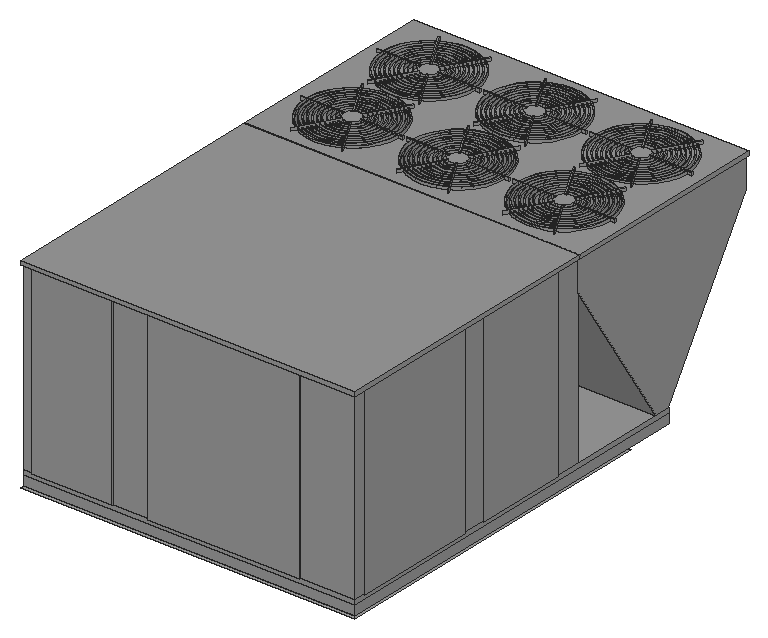
Revit family "RTU-1", category Mechanical Equipment, host Face, Revit 2025
Family settings
  Host = Face
  Round Connector Dimension = Use Diameter
  Classification = None
  Part Type = Normal
  Cut with Voids When Loaded = No
  Maintain Annotation Orientation = Yes
  Shared = No
  Room Calculation Point = No
Parameters (values of type "LCH 240 H4B K 1Y")
  URL = "https://tech.lennoxintl.com/C03e7o14l/VIu12Ch2uV/ehb_lch_cbox_2109.pdf"
  Model = "LCH 240 H4B K 1Y"
  Material = Aluminum 1100-O
  Manufacturer = "LENNOX"
  Grill Material = Steel, Paint Finish, Dark Gray
  Default Elevation = 48"
Reference planes (in)
  plane 1 "Center (Front/Back)": y = 0
  plane 2: z = 0
  plane 3 "Center (Left/Right)": x = 0
  plane 4: z = 45.1875
  plane 5: y = 48.375
  plane 6: through (-28.53125, 37.65625, 55) normal (-0.7071, -0.7071, 0)
  plane 7: through (-28.53125, 37.65625, 55) normal (-0.7071, 0.7071, 0)
  plane 8: through (-28.53125, 37.65625, 55) normal (0.7071, -0.7071, 0)
  plane 9: through (-28.53125, 37.65625, 55) normal (0.7071, 0.7071, 0)
  plane 10: x = -30.90625
  plane 11: x = -31.90625
  plane 12: x = -32.90625
  plane 13: x = -33.90625
  plane 14: x = -34.90625
  plane 15: x = -35.90625
  plane 16: x = -36.90625
  plane 17: x = -37.90625
  plane 18: x = -38.90625
  plane 19: x = -39.90625
  plane 20: x = -40.90625
  plane 21: x = -42.34375
  plane 22: x = -41.03125
  plane 23: x = -14.71875
  plane 24: x = -16.03125
  plane 25: y = 52.625
  plane 26: y = 50.5
  plane 27: y = 22.25
  plane 28: y = 78.9375
  plane 29: y = 50.59375
  plane 30: x = -30.90625
  plane 31: x = -31.90625
  plane 32: x = -32.90625
  plane 33: x = -33.90625
  plane 34: x = -34.90625
  plane 35: x = -35.90625
  plane 36: x = -36.90625
  plane 37: x = -37.90625
  plane 38: x = -38.90625
  plane 39: x = -39.90625
  plane 40: x = -40.90625
  plane 41: x = -42.34375
  plane 42: x = -41.03125
  plane 43: x = -14.71875
  plane 44: x = -16.03125
  plane 45: x = -2.375
  plane 46: x = -3.375
  plane 47: x = -4.375
  plane 48: x = -5.375
  plane 49: x = -6.375
  plane 50: x = -7.375
  plane 51: x = -8.375
  plane 52: x = -9.375
  plane 53: x = -10.375
  plane 54: x = -11.375
  plane 55: x = -12.375
  plane 56: x = -13.8125
  plane 57: x = -12.5
  plane 58: x = 13.8125
  plane 59: x = 12.5
  plane 60: x = 26.15625
  plane 61: x = 25.15625
  plane 62: x = 24.15625
  plane 63: x = 23.15625
  plane 64: x = 22.15625
  plane 65: x = 21.15625
  plane 66: x = 20.15625
  plane 67: x = 19.15625
  plane 68: x = 18.15625
  plane 69: x = 17.15625
  plane 70: x = 16.15625
  plane 71: x = 14.71875
  plane 72: x = 16.03125
  plane 73: x = 42.34375
  plane 74: x = 41.03125
  plane 75: through (-36.72095, 74.75222, 110.75) normal (-0.5, 0.866, 0)
  plane 76: through (-34.78125, 74.35657, 110.75) normal (0.5, -0.866, 0)
  plane 77: through (-20.34155, 74.75222, 110.75) normal (-0.5, -0.866, 0)
  plane 78: through (-22.28125, 74.35657, 110.75) normal (0.5, 0.866, 0)
  plane 79: through (-36.72095, 52.31028, 110.75) normal (0.5, 0.866, 0)
  plane 80: through (-34.78125, 52.70593, 110.75) normal (-0.5, -0.866, 0)
  plane 81: through (-20.34155, 52.31028, 110.75) normal (0.5, -0.866, 0)
  plane 82: through (-22.28125, 52.70593, 110.75) normal (-0.5, 0.866, 0)
  plane 83: through (-36.72095, 26.43528, 110.75) normal (0.5, 0.866, 0)
  plane 84: through (-34.78125, 26.83093, 110.75) normal (-0.5, -0.866, 0)
  plane 85: through (-20.34155, 26.43528, 110.75) normal (0.5, -0.866, 0)
  plane 86: through (-22.28125, 26.83093, 110.75) normal (-0.5, 0.866, 0)
  plane 87: through (-36.72095, 48.87722, 110.75) normal (-0.5, 0.866, 0)
  plane 88: through (-34.78125, 48.48157, 110.75) normal (0.5, -0.866, 0)
  plane 89: through (-20.34155, 48.87722, 110.75) normal (-0.5, -0.866, 0)
  plane 90: through (-22.28125, 48.48157, 110.75) normal (0.5, 0.866, 0)
  plane 91: through (-8.1897, 74.75222, 110.75) normal (-0.5, 0.866, 0)
  plane 92: through (-6.25, 74.35657, 110.75) normal (0.5, -0.866, 0)
  plane 93: through (8.1897, 74.75222, 110.75) normal (-0.5, -0.866, 0)
  plane 94: through (6.25, 74.35657, 110.75) normal (0.5, 0.866, 0)
  plane 95: through (-8.1897, 52.31028, 110.75) normal (0.5, 0.866, 0)
  plane 96: through (-6.25, 52.70593, 110.75) normal (-0.5, -0.866, 0)
  plane 97: through (8.1897, 52.31028, 110.75) normal (0.5, -0.866, 0)
  plane 98: through (6.25, 52.70593, 110.75) normal (-0.5, 0.866, 0)
  plane 99: through (20.34155, 74.75222, 110.75) normal (-0.5, 0.866, 0)
  plane 100: through (22.28125, 74.35657, 110.75) normal (0.5, -0.866, 0)
  plane 101: through (36.72095, 74.75222, 110.75) normal (-0.5, -0.866, 0)
  plane 102: through (34.78125, 74.35657, 110.75) normal (0.5, 0.866, 0)
  plane 103: through (20.34155, 52.31028, 110.75) normal (0.5, 0.866, 0)
  plane 104: through (22.28125, 52.70593, 110.75) normal (-0.5, -0.866, 0)
  plane 105: through (36.72095, 52.31028, 110.75) normal (0.5, -0.866, 0)
  plane 106: through (34.78125, 52.70593, 110.75) normal (-0.5, 0.866, 0)
  plane 107: x = -30.90625
  plane 108: x = -31.90625
  plane 109: x = -32.90625
  plane 110: x = -33.90625
  plane 111: x = -34.90625
  plane 112: x = -35.90625
  plane 113: x = -36.90625
  plane 114: x = -37.90625
  plane 115: x = -38.90625
  plane 116: x = -39.90625
  plane 117: x = -40.90625
  plane 118: x = -42.34375
  plane 119: x = -41.03125
  plane 120: x = -14.71875
  plane 121: x = -16.03125
  plane 122: x = -2.375
  plane 123: x = -3.375
  plane 124: x = -4.375
  plane 125: x = -5.375
  plane 126: x = -6.375
  plane 127: x = -7.375
  plane 128: x = -8.375
  plane 129: x = -9.375
  plane 130: x = -10.375
  plane 131: x = -11.375
  plane 132: x = -12.375
  plane 133: x = -13.8125
  plane 134: x = -12.5
  plane 135: x = 13.8125
  plane 136: x = 12.5
  plane 137: x = 26.15625
  plane 138: x = 25.15625
  plane 139: x = 24.15625
  plane 140: x = 23.15625
  plane 141: x = 22.15625
  plane 142: x = 21.15625
  plane 143: x = 20.15625
  plane 144: x = 19.15625
  plane 145: x = 18.15625
  plane 146: x = 17.15625
  plane 147: x = 16.15625
  plane 148: x = 14.71875
  plane 149: x = 16.03125
  plane 150: x = 42.34375
  plane 151: x = 41.03125
  plane 152: through (-36.72095, 26.43528, 110.75) normal (0.5, 0.866, 0)
  plane 153: through (-34.78125, 26.83093, 110.75) normal (-0.5, -0.866, 0)
  plane 154: through (-20.34155, 26.43528, 110.75) normal (0.5, -0.866, 0)
  plane 155: through (-22.28125, 26.83093, 110.75) normal (-0.5, 0.866, 0)
  plane 156: through (-36.72095, 48.87722, 110.75) normal (-0.5, 0.866, 0)
  plane 157: through (-34.78125, 48.48157, 110.75) normal (0.5, -0.866, 0)
  plane 158: through (-20.34155, 48.87722, 110.75) normal (-0.5, -0.866, 0)
  plane 159: through (-22.28125, 48.48157, 110.75) normal (0.5, 0.866, 0)
  plane 160: through (-8.1897, 26.43528, 110.75) normal (0.5, 0.866, 0)
  plane 161: through (-6.25, 26.83093, 110.75) normal (-0.5, -0.866, 0)
  plane 162: through (8.1897, 26.43528, 110.75) normal (0.5, -0.866, 0)
  plane 163: through (6.25, 26.83093, 110.75) normal (-0.5, 0.866, 0)
  plane 164: through (-8.1897, 48.87722, 110.75) normal (-0.5, 0.866, 0)
  plane 165: through (-6.25, 48.48157, 110.75) normal (0.5, -0.866, 0)
  plane 166: through (8.1897, 48.87722, 110.75) normal (-0.5, -0.866, 0)
  plane 167: through (6.25, 48.48157, 110.75) normal (0.5, 0.866, 0)
  plane 168: through (20.34155, 26.43528, 110.75) normal (0.5, 0.866, 0)
  plane 169: through (22.28125, 26.83093, 110.75) normal (-0.5, -0.866, 0)
  plane 170: through (36.72095, 26.43528, 110.75) normal (0.5, -0.866, 0)
  plane 171: through (34.78125, 26.83093, 110.75) normal (-0.5, 0.866, 0)
  plane 172: through (20.34155, 48.87722, 110.75) normal (-0.5, 0.866, 0)
  plane 173: through (22.28125, 48.48157, 110.75) normal (0.5, -0.866, 0)
  plane 174: through (36.72095, 48.87722, 110.75) normal (-0.5, -0.866, 0)
  plane 175: through (34.78125, 48.48157, 110.75) normal (0.5, 0.866, 0)
Forms (in)
  Extrusion 1, solid, material "Aluminum 1100-O" <- "Material"
    sketch origin (0, 0, 0) x (1, 0, 0) y (0, 1, 0)
      loop
        line (-44.5625, 22.25) -> (-44.5625, -52.75) -> (44.5625, -52.75) -> (44.5625, 22.25) -> (-44.5625, 22.25)
    from 4.125 to 53.5625
  Extrusion 2, solid, material "Aluminum 1100-O" <- "Material"
    sketch origin (0, 0, -50.125) x (1, 0, 0) y (0, 1, 0)
      loop
        line (-44.5625, 52.75) -> (-44.5625, -52.75) -> (44.5625, -52.75) -> (44.5625, 52.75) -> (-44.5625, 52.75)
    from 53.0625 to 54.25
  Extrusion 3, solid, material "Aluminum 1100-O" <- "Material"
    sketch origin (0, 0, -51.3125) x (1, 0, 0) y (0, 1, 0)
      loop
        line (-44.5625, 52.75) -> (-44.5625, -52.75) -> (44.5625, -52.75) -> (44.5625, 52.75) -> (-44.5625, 52.75)
    from 51.6875 to 54.25
  Blend 4, solid, material "Aluminum 1100-O" <- "Material"
    base sketch origin (0, 0, 0) x (1, 0, 0) y (0, 1, 0)
      loop
        line (-45.0625, 39.41026) -> (-45.0625, -53.25) -> (45.0625, -53.25) -> (45.0625, 39.41026) -> (-45.0625, 39.41026)
    top sketch origin (0, 0, 0) x (1, 0, 0) y (0, 1, 0)
      loop
        line (-44.5625, 38.91026) -> (-44.5625, -52.75) -> (44.5625, -52.75) -> (44.5625, 38.91026) -> (-44.5625, 38.91026)
    from 0 to 0.375
  Extrusion 5, solid, material "Aluminum 1100-O" <- "Material"
    sketch origin (0, 0, 0) x (0, 1, 0) y (0, 0, 1)
      loop
        line (48.375, 4.125) -> (52.625, 4.125) -> (78.75, 45.1875) -> (78.75, 53.5625) -> (22.25, 53.5625) -> (22.25, 45.1875) -> (48.375, 4.125)
    from -44.5625 to 44.5625
  Extrusion 6, solid, material "Aluminum 1100-O" <- "Material"
    sketch origin (0, 0, 0) x (1, 0, 0) y (0, 1, 0)
      loop
        line (-45.0625, 22.25) -> (-45.0625, -53.25) -> (45.0625, -53.25) -> (45.0625, 22.25) -> (-45.0625, 22.25)
    from 53.5625 to 54.625
  Extrusion 7, solid, material "Aluminum 1100-O" <- "Material"
    sketch origin (0, 75.3125, 0) x (1, 0, 0) y (0, 1, 0)
      loop
        line (-45.0625, 3.625) -> (-45.0625, -53.0625) -> (45.0625, -53.0625) -> (45.0625, 3.625) -> (-45.0625, 3.625)
    from 53.5625 to 54.625
  Extrusion 8, void
    sketch origin (-8.58719, -1.71744, 0) x (1, 0, 0) y (0, 1, 0)
      loop
        circle (8.58719, 39.37369) r 12.5
      loop
        circle (-19.94406, 39.37369) r 12.5
      loop
        circle (37.11844, 39.37369) r 12.5
    from 45.45857 to 54.625
  Extrusion 9, solid, material "Steel, Paint Finish, Dark Gray" <- "Grill Material", not visible
    sketch origin (0, 101.1875, 54.625) x (1, 0, 0) y (0, 1, 0)
      loop
        circle (-28.53125, -63.53125) r 2.375
      loop
        circle (-28.53125, -63.53125) r 3.375
      loop
        circle (-28.53125, -63.53125) r 3.5
      loop
        circle (-28.53125, -63.53125) r 4.375
      loop
        circle (-28.53125, -63.53125) r 5.25
      loop
        circle (-28.53125, -63.53125) r 4.5
      loop
        circle (-28.53125, -63.53125) r 5.375
      loop
        circle (-28.53125, -63.53125) r 6.375
      loop
        circle (-28.53125, -63.53125) r 7.375
      loop
        circle (-28.53125, -63.53125) r 9.375
      loop
        circle (-28.53125, -63.53125) r 10.375
      loop
        circle (-28.53125, -63.53125) r 11.375
      loop
        circle (-28.53125, -63.53125) r 12.375
      loop
        circle (-28.53125, -63.53125) r 12.5
      loop
        circle (-28.53125, -63.53125) r 7.5
      loop
        circle (-28.53125, -63.53125) r 9.5
      loop
        circle (-28.53125, -63.53125) r 10.5
      loop
        circle (-28.53125, -63.53125) r 11.5
      loop
        circle (-28.53125, -63.53125) r 8.375
      loop
        circle (-28.53125, -63.53125) r 8.5
      loop
        circle (-28.53125, -63.53125) r 6.5
    from 0 to 0.625
  Extrusion 10, solid, material "Steel, Paint Finish, Dark Gray" <- "Grill Material", not visible
    sketch origin (0, 101.1875, 55.75) x (1, 0, 0) y (0, 1, 0)
      loop
        line (-42.34375, -63.40625) -> (-42.34375, -63.65625) -> (-30.90296, -63.65625)
        arc (-30.90296, -63.65625) -> (-30.90543, -63.59377) -> (-30.90625, -63.53125) r 2.375
        arc (-30.90625, -63.53125) -> (-30.90543, -63.46873) -> (-30.90296, -63.40625) r 2.375
        line (-30.90296, -63.40625) -> (-42.34375, -63.40625)
    from -1.125 to -0.3427
  Extrusion 11, solid, material "Steel, Paint Finish, Dark Gray" <- "Grill Material", not visible
    sketch origin (-57.0625, 101.1875, 55.75) x (-1, 0, 0) y (0, -1, 0)
      loop
        line (-42.34375, 63.40625) -> (-30.90296, 63.40625)
        arc (-30.90296, 63.40625) -> (-30.90543, 63.46873) -> (-30.90625, 63.53125) r 2.375
        arc (-30.90625, 63.53125) -> (-30.90543, 63.59377) -> (-30.90296, 63.65625) r 2.375
        line (-30.90296, 63.65625) -> (-42.34375, 63.65625) -> (-42.34375, 63.40625)
    from -1.125 to -0.3427
  Extrusion 12, void
    sketch origin (0, 0, 0) x (1, 0, 0) y (0, 1, 0)
      loop
        line (-40.8125, 19.625) -> (-40.8125, -40.875) -> (-19.44507, -40.875) -> (-19.44507, 19.625) -> (-40.8125, 19.625)
      loop
        line (-1.44507, -12.875) -> (-1.44507, -40.875) -> (18.55493, -40.875) -> (18.55493, -12.875) -> (-1.44507, -12.875)
      loop
        line (-1.44507, 19.625) -> (-1.44507, -8.375) -> (18.55493, -8.375) -> (18.55493, 19.625) -> (-1.44507, 19.625)
      loop
        line (33.0625, -44.25) -> (33.0625, -49.25) -> (41.0625, -49.25) -> (41.0625, -44.25) -> (33.0625, -44.25)
    from 0 to 12
  Extrusion 13, solid, material "Steel, Paint Finish, Dark Gray" <- "Grill Material"
    sketch origin (0, 0, 54.625) x (1, 0, 0) y (0, 1, 0)
      loop
        circle (-28.53125, 63.53125) r 2.375
      loop
        circle (-28.53125, 63.53125) r 3.375
      loop
        circle (-28.53125, 63.53125) r 3.5
      loop
        circle (-28.53125, 63.53125) r 4.375
      loop
        circle (-28.53125, 63.53125) r 5.25
      loop
        circle (-28.53125, 63.53125) r 4.5
      loop
        circle (-28.53125, 63.53125) r 5.375
      loop
        circle (-28.53125, 63.53125) r 6.375
      loop
        circle (-28.53125, 63.53125) r 7.375
      loop
        circle (-28.53125, 63.53125) r 9.375
      loop
        circle (-28.53125, 63.53125) r 10.375
      loop
        circle (-28.53125, 63.53125) r 11.375
      loop
        circle (-28.53125, 63.53125) r 12.375
      loop
        circle (-28.53125, 63.53125) r 12.5
      loop
        circle (-28.53125, 63.53125) r 7.5
      loop
        circle (-28.53125, 63.53125) r 9.5
      loop
        circle (-28.53125, 63.53125) r 10.5
      loop
        circle (-28.53125, 63.53125) r 11.5
      loop
        circle (-28.53125, 63.53125) r 8.375
      loop
        circle (-28.53125, 63.53125) r 8.5
      loop
        circle (-28.53125, 63.53125) r 6.5
    from 0 to 0.625
  Extrusion 14, solid, material "Steel, Paint Finish, Dark Gray" <- "Grill Material"
    sketch origin (0, 0, 55.75) x (1, 0, 0) y (0, 1, 0)
      loop
        line (-42.34375, 63.40625) -> (-30.90296, 63.40625)
        arc (-30.90296, 63.40625) -> (-30.90543, 63.46873) -> (-30.90625, 63.53125) r 2.375
        arc (-30.90625, 63.53125) -> (-30.90543, 63.59377) -> (-30.90296, 63.65625) r 2.375
        line (-30.90296, 63.65625) -> (-42.34375, 63.65625) -> (-42.34375, 63.40625)
    from -1.125 to -0.3427
  Extrusion 15, solid, material "Steel, Paint Finish, Dark Gray" <- "Grill Material"
    sketch origin (-57.0625, 0, 55.75) x (-1, 0, 0) y (0, -1, 0)
      loop
        line (-42.34375, -63.40625) -> (-42.34375, -63.65625) -> (-30.90296, -63.65625)
        arc (-30.90296, -63.65625) -> (-30.90543, -63.59377) -> (-30.90625, -63.53125) r 2.375
        arc (-30.90625, -63.53125) -> (-30.90543, -63.46873) -> (-30.90296, -63.40625) r 2.375
        line (-30.90296, -63.40625) -> (-42.34375, -63.40625)
    from -1.125 to -0.3427
  Extrusion 16, solid, material "Steel, Paint Finish, Dark Gray" <- "Grill Material"
    sketch origin (28.53125, 0, 54.625) x (1, 0, 0) y (0, 1, 0)
      loop
        circle (-28.53125, 63.53125) r 2.375
      loop
        circle (-28.53125, 63.53125) r 3.375
      loop
        circle (-28.53125, 63.53125) r 3.5
      loop
        circle (-28.53125, 63.53125) r 4.375
      loop
        circle (-28.53125, 63.53125) r 5.25
      loop
        circle (-28.53125, 63.53125) r 4.5
      loop
        circle (-28.53125, 63.53125) r 5.375
      loop
        circle (-28.53125, 63.53125) r 6.375
      loop
        circle (-28.53125, 63.53125) r 7.375
      loop
        circle (-28.53125, 63.53125) r 9.375
      loop
        circle (-28.53125, 63.53125) r 10.375
      loop
        circle (-28.53125, 63.53125) r 11.375
      loop
        circle (-28.53125, 63.53125) r 12.375
      loop
        circle (-28.53125, 63.53125) r 12.5
      loop
        circle (-28.53125, 63.53125) r 7.5
      loop
        circle (-28.53125, 63.53125) r 9.5
      loop
        circle (-28.53125, 63.53125) r 10.5
      loop
        circle (-28.53125, 63.53125) r 11.5
      loop
        circle (-28.53125, 63.53125) r 8.375
      loop
        circle (-28.53125, 63.53125) r 8.5
      loop
        circle (-28.53125, 63.53125) r 6.5
    from 0 to 0.625
  Extrusion 17, solid, material "Steel, Paint Finish, Dark Gray" <- "Grill Material"
    sketch origin (28.53125, 0, 55.75) x (1, 0, 0) y (0, 1, 0)
      loop
        line (-42.34375, 63.40625) -> (-30.90296, 63.40625)
        arc (-30.90296, 63.40625) -> (-30.90543, 63.46873) -> (-30.90625, 63.53125) r 2.375
        arc (-30.90625, 63.53125) -> (-30.90543, 63.59377) -> (-30.90296, 63.65625) r 2.375
        line (-30.90296, 63.65625) -> (-42.34375, 63.65625) -> (-42.34375, 63.40625)
    from -1.125 to -0.3427
  Extrusion 18, solid, material "Steel, Paint Finish, Dark Gray" <- "Grill Material"
    sketch origin (-28.53125, 0, 55.75) x (-1, 0, 0) y (0, -1, 0)
      loop
        line (-42.34375, -63.40625) -> (-42.34375, -63.65625) -> (-30.90296, -63.65625)
        arc (-30.90296, -63.65625) -> (-30.90543, -63.59377) -> (-30.90625, -63.53125) r 2.375
        arc (-30.90625, -63.53125) -> (-30.90543, -63.46873) -> (-30.90296, -63.40625) r 2.375
        line (-30.90296, -63.40625) -> (-42.34375, -63.40625)
    from -1.125 to -0.3427
  Extrusion 19, solid, material "Steel, Paint Finish, Dark Gray" <- "Grill Material"
    sketch origin (57.0625, 0, 54.625) x (1, 0, 0) y (0, 1, 0)
      loop
        circle (-28.53125, 63.53125) r 2.375
      loop
        circle (-28.53125, 63.53125) r 3.375
      loop
        circle (-28.53125, 63.53125) r 3.5
      loop
        circle (-28.53125, 63.53125) r 4.375
      loop
        circle (-28.53125, 63.53125) r 5.25
      loop
        circle (-28.53125, 63.53125) r 4.5
      loop
        circle (-28.53125, 63.53125) r 5.375
      loop
        circle (-28.53125, 63.53125) r 6.375
      loop
        circle (-28.53125, 63.53125) r 7.375
      loop
        circle (-28.53125, 63.53125) r 9.375
      loop
        circle (-28.53125, 63.53125) r 10.375
      loop
        circle (-28.53125, 63.53125) r 11.375
      loop
        circle (-28.53125, 63.53125) r 12.375
      loop
        circle (-28.53125, 63.53125) r 12.5
      loop
        circle (-28.53125, 63.53125) r 7.5
      loop
        circle (-28.53125, 63.53125) r 9.5
      loop
        circle (-28.53125, 63.53125) r 10.5
      loop
        circle (-28.53125, 63.53125) r 11.5
      loop
        circle (-28.53125, 63.53125) r 8.375
      loop
        circle (-28.53125, 63.53125) r 8.5
      loop
        circle (-28.53125, 63.53125) r 6.5
    from 0 to 0.625
  Extrusion 20, solid, material "Steel, Paint Finish, Dark Gray" <- "Grill Material"
    sketch origin (57.0625, 0, 55.75) x (1, 0, 0) y (0, 1, 0)
      loop
        line (-42.34375, 63.40625) -> (-30.90296, 63.40625)
        arc (-30.90296, 63.40625) -> (-30.90543, 63.46873) -> (-30.90625, 63.53125) r 2.375
        arc (-30.90625, 63.53125) -> (-30.90543, 63.59377) -> (-30.90296, 63.65625) r 2.375
        line (-30.90296, 63.65625) -> (-42.34375, 63.65625) -> (-42.34375, 63.40625)
    from -1.125 to -0.3427
  Extrusion 21, solid, material "Steel, Paint Finish, Dark Gray" <- "Grill Material"
    sketch origin (0, 0, 55.75) x (-1, 0, 0) y (0, -1, 0)
      loop
        line (-42.34375, -63.40625) -> (-42.34375, -63.65625) -> (-30.90296, -63.65625)
        arc (-30.90296, -63.65625) -> (-30.90543, -63.59377) -> (-30.90625, -63.53125) r 2.375
        arc (-30.90625, -63.53125) -> (-30.90543, -63.46873) -> (-30.90296, -63.40625) r 2.375
        line (-30.90296, -63.40625) -> (-42.34375, -63.40625)
    from -1.125 to -0.3427
  Extrusion 22, solid, material "Steel, Paint Finish, Dark Gray" <- "Grill Material"
    sketch origin (-69.2853, 7.05684, 55.75) x (0.5, -0.866025, 0) y (0.866025, 0.5, 0)
      loop
        line (-42.34375, 63.40625) -> (-30.90296, 63.40625)
        arc (-30.90296, 63.40625) -> (-30.90543, 63.46873) -> (-30.90625, 63.53125) r 2.375
        arc (-30.90625, 63.53125) -> (-30.90543, 63.59377) -> (-30.90296, 63.65625) r 2.375
        line (-30.90296, 63.65625) -> (-42.34375, 63.65625) -> (-42.34375, 63.40625)
    from -1.125 to -0.3427
  Extrusion 23, solid, material "Steel, Paint Finish, Dark Gray" <- "Grill Material"
    sketch origin (12.2228, 7.05684, 55.75) x (-0.5, -0.866025, 0) y (0.866025, -0.5, 0)
      loop
        line (-42.34375, -63.40625) -> (-42.34375, -63.65625) -> (-30.90296, -63.65625)
        arc (-30.90296, -63.65625) -> (-30.90543, -63.59377) -> (-30.90625, -63.53125) r 2.375
        arc (-30.90625, -63.53125) -> (-30.90543, -63.46873) -> (-30.90296, -63.40625) r 2.375
        line (-30.90296, -63.40625) -> (-42.34375, -63.40625)
    from -1.125 to -0.3427
  Extrusion 24, solid, material "Steel, Paint Finish, Dark Gray" <- "Grill Material"
    sketch origin (-69.2853, 120.00566, 55.75) x (0.5, 0.866025, 0) y (-0.866025, 0.5, 0)
      loop
        line (-42.34375, -63.40625) -> (-42.34375, -63.65625) -> (-30.90296, -63.65625)
        arc (-30.90296, -63.65625) -> (-30.90543, -63.59377) -> (-30.90625, -63.53125) r 2.375
        arc (-30.90625, -63.53125) -> (-30.90543, -63.46873) -> (-30.90296, -63.40625) r 2.375
        line (-30.90296, -63.40625) -> (-42.34375, -63.40625)
    from -1.125 to -0.3427
  Extrusion 25, solid, material "Steel, Paint Finish, Dark Gray" <- "Grill Material"
    sketch origin (12.2228, 120.00566, 55.75) x (-0.5, 0.866025, 0) y (-0.866025, -0.5, 0)
      loop
        line (-42.34375, 63.40625) -> (-30.90296, 63.40625)
        arc (-30.90296, 63.40625) -> (-30.90543, 63.46873) -> (-30.90625, 63.53125) r 2.375
        arc (-30.90625, 63.53125) -> (-30.90543, 63.59377) -> (-30.90296, 63.65625) r 2.375
        line (-30.90296, 63.65625) -> (-42.34375, 63.65625) -> (-42.34375, 63.40625)
    from -1.125 to -0.3427
  Extrusion 26, solid, material "Steel, Paint Finish, Dark Gray" <- "Grill Material", not visible
    sketch origin (-69.2853, 108.24434, 55.75) x (0.5, -0.866025, 0) y (0.866025, 0.5, 0)
      loop
        line (88.3061, -12.02448) -> (88.52261, -11.89948) -> (82.80221, -1.99146)
        arc (82.80221, -1.99146) -> (82.74934, -2.02484) -> (82.6956, -2.05681) r 2.375
        arc (82.6956, -2.05681) -> (82.64105, -2.08736) -> (82.5857, -2.11646) r 2.375
        line (82.5857, -2.11646) -> (88.3061, -12.02448)
    from -1.125 to -0.3427
  Extrusion 27, solid, material "Steel, Paint Finish, Dark Gray" <- "Grill Material", not visible
    sketch origin (12.2228, 108.24434, 55.75) x (-0.5, -0.866025, 0) y (0.866025, -0.5, 0)
      loop
        line (88.3061, 2.11646) -> (82.5857, 2.11646)
        arc (82.5857, 2.11646) -> (82.64105, 2.08736) -> (82.6956, 2.05681) r 2.375
        arc (82.6956, 2.05681) -> (82.74934, 2.02484) -> (82.80221, 1.99146) r 2.375
        line (82.80221, 1.99146) -> (88.3061, 1.99146) -> (88.3061, 2.11646)
    from -1.125 to -0.3427
  Extrusion 28, solid, material "Steel, Paint Finish, Dark Gray" <- "Grill Material", not visible
    sketch origin (-69.2853, 221.19316, 55.75) x (0.5, 0.866025, 0) y (-0.866025, 0.5, 0)
      loop
        line (-131.77261, -124.94604) -> (-137.493, -124.94604)
        arc (-137.493, -124.94604) -> (-137.43766, -124.97514) -> (-137.3831, -125.00569) r 2.375
        arc (-137.3831, -125.00569) -> (-137.32937, -125.03766) -> (-137.2765, -125.07104) r 2.375
        line (-137.2765, -125.07104) -> (-131.77261, -125.07104) -> (-131.77261, -124.94604)
    from -1.125 to -0.3427
  Extrusion 29, solid, material "Steel, Paint Finish, Dark Gray" <- "Grill Material", not visible
    sketch origin (12.2228, 221.19316, 55.75) x (-0.5, 0.866025, 0) y (-0.866025, -0.5, 0)
      loop
        line (-131.77261, 115.03802) -> (-131.5561, 115.16302) -> (-137.2765, 125.07104)
        arc (-137.2765, 125.07104) -> (-137.32937, 125.03766) -> (-137.3831, 125.00569) r 2.375
        arc (-137.3831, 125.00569) -> (-137.43766, 124.97514) -> (-137.493, 124.94604) r 2.375
        line (-137.493, 124.94604) -> (-131.77261, 115.03802)
    from -1.125 to -0.3427
  Extrusion 30, solid, material "Steel, Paint Finish, Dark Gray" <- "Grill Material"
    sketch origin (-40.75405, 7.05684, 55.75) x (0.5, -0.866025, 0) y (0.866025, 0.5, 0)
      loop
        line (-42.34375, 63.40625) -> (-30.90296, 63.40625)
        arc (-30.90296, 63.40625) -> (-30.90543, 63.46873) -> (-30.90625, 63.53125) r 2.375
        arc (-30.90625, 63.53125) -> (-30.90543, 63.59377) -> (-30.90296, 63.65625) r 2.375
        line (-30.90296, 63.65625) -> (-42.34375, 63.65625) -> (-42.34375, 63.40625)
    from -1.125 to -0.3427
  Extrusion 31, solid, material "Steel, Paint Finish, Dark Gray" <- "Grill Material"
    sketch origin (40.75405, 7.05684, 55.75) x (-0.5, -0.866025, 0) y (0.866025, -0.5, 0)
      loop
        line (-42.34375, -63.40625) -> (-42.34375, -63.65625) -> (-30.90296, -63.65625)
        arc (-30.90296, -63.65625) -> (-30.90543, -63.59377) -> (-30.90625, -63.53125) r 2.375
        arc (-30.90625, -63.53125) -> (-30.90543, -63.46873) -> (-30.90296, -63.40625) r 2.375
        line (-30.90296, -63.40625) -> (-42.34375, -63.40625)
    from -1.125 to -0.3427
  Extrusion 32, solid, material "Steel, Paint Finish, Dark Gray" <- "Grill Material"
    sketch origin (-40.75405, 120.00566, 55.75) x (0.5, 0.866025, 0) y (-0.866025, 0.5, 0)
      loop
        line (-42.34375, -63.40625) -> (-42.34375, -63.65625) -> (-30.90296, -63.65625)
        arc (-30.90296, -63.65625) -> (-30.90543, -63.59377) -> (-30.90625, -63.53125) r 2.375
        arc (-30.90625, -63.53125) -> (-30.90543, -63.46873) -> (-30.90296, -63.40625) r 2.375
        line (-30.90296, -63.40625) -> (-42.34375, -63.40625)
    from -1.125 to -0.3427
  Extrusion 33, solid, material "Steel, Paint Finish, Dark Gray" <- "Grill Material"
    sketch origin (40.75405, 120.00566, 55.75) x (-0.5, 0.866025, 0) y (-0.866025, -0.5, 0)
      loop
        line (-42.34375, 63.40625) -> (-30.90296, 63.40625)
        arc (-30.90296, 63.40625) -> (-30.90543, 63.46873) -> (-30.90625, 63.53125) r 2.375
        arc (-30.90625, 63.53125) -> (-30.90543, 63.59377) -> (-30.90296, 63.65625) r 2.375
        line (-30.90296, 63.65625) -> (-42.34375, 63.65625) -> (-42.34375, 63.40625)
    from -1.125 to -0.3427
  Extrusion 34, solid, material "Steel, Paint Finish, Dark Gray" <- "Grill Material"
    sketch origin (-12.2228, 7.05684, 55.75) x (0.5, -0.866025, 0) y (0.866025, 0.5, 0)
      loop
        line (-42.34375, 63.40625) -> (-30.90296, 63.40625)
        arc (-30.90296, 63.40625) -> (-30.90543, 63.46873) -> (-30.90625, 63.53125) r 2.375
        arc (-30.90625, 63.53125) -> (-30.90543, 63.59377) -> (-30.90296, 63.65625) r 2.375
        line (-30.90296, 63.65625) -> (-42.34375, 63.65625) -> (-42.34375, 63.40625)
    from -1.125 to -0.3427
  Extrusion 35, solid, material "Steel, Paint Finish, Dark Gray" <- "Grill Material"
    sketch origin (69.2853, 7.05684, 55.75) x (-0.5, -0.866025, 0) y (0.866025, -0.5, 0)
      loop
        line (-42.34375, -63.40625) -> (-42.34375, -63.65625) -> (-30.90296, -63.65625)
        arc (-30.90296, -63.65625) -> (-30.90543, -63.59377) -> (-30.90625, -63.53125) r 2.375
        arc (-30.90625, -63.53125) -> (-30.90543, -63.46873) -> (-30.90296, -63.40625) r 2.375
        line (-30.90296, -63.40625) -> (-42.34375, -63.40625)
    from -1.125 to -0.3427
  Extrusion 36, solid, material "Steel, Paint Finish, Dark Gray" <- "Grill Material"
    sketch origin (-12.2228, 120.00566, 55.75) x (0.5, 0.866025, 0) y (-0.866025, 0.5, 0)
      loop
        line (-42.34375, -63.40625) -> (-42.34375, -63.65625) -> (-30.90296, -63.65625)
        arc (-30.90296, -63.65625) -> (-30.90543, -63.59377) -> (-30.90625, -63.53125) r 2.375
        arc (-30.90625, -63.53125) -> (-30.90543, -63.46873) -> (-30.90296, -63.40625) r 2.375
        line (-30.90296, -63.40625) -> (-42.34375, -63.40625)
    from -1.125 to -0.3427
  Extrusion 37, solid, material "Steel, Paint Finish, Dark Gray" <- "Grill Material"
    sketch origin (69.2853, 120.00566, 55.75) x (-0.5, 0.866025, 0) y (-0.866025, -0.5, 0)
      loop
        line (-42.34375, 63.40625) -> (-30.90296, 63.40625)
        arc (-30.90296, 63.40625) -> (-30.90543, 63.46873) -> (-30.90625, 63.53125) r 2.375
        arc (-30.90625, 63.53125) -> (-30.90543, 63.59377) -> (-30.90296, 63.65625) r 2.375
        line (-30.90296, 63.65625) -> (-42.34375, 63.65625) -> (-42.34375, 63.40625)
    from -1.125 to -0.3427
  Extrusion 38, solid, material "Steel, Paint Finish, Dark Gray" <- "Grill Material"
    sketch origin (0, 0, 54.625) x (1, 0, 0) y (0, 1, 0)
      loop
        circle (-28.53125, 37.65625) r 2.375
      loop
        circle (-28.53125, 37.65625) r 3.375
      loop
        circle (-28.53125, 37.65625) r 3.5
      loop
        circle (-28.53125, 37.65625) r 4.375
      loop
        circle (-28.53125, 37.65625) r 5.25
      loop
        circle (-28.53125, 37.65625) r 4.5
      loop
        circle (-28.53125, 37.65625) r 5.375
      loop
        circle (-28.53125, 37.65625) r 6.375
      loop
        circle (-28.53125, 37.65625) r 7.375
      loop
        circle (-28.53125, 37.65625) r 9.375
      loop
        circle (-28.53125, 37.65625) r 10.375
      loop
        circle (-28.53125, 37.65625) r 11.375
      loop
        circle (-28.53125, 37.65625) r 12.375
      loop
        circle (-28.53125, 37.65625) r 12.5
      loop
        circle (-28.53125, 37.65625) r 7.5
      loop
        circle (-28.53125, 37.65625) r 9.5
      loop
        circle (-28.53125, 37.65625) r 10.5
      loop
        circle (-28.53125, 37.65625) r 11.5
      loop
        circle (-28.53125, 37.65625) r 8.375
      loop
        circle (-28.53125, 37.65625) r 8.5
      loop
        circle (-28.53125, 37.65625) r 6.5
    from 0 to 0.625
  Extrusion 39, solid, material "Steel, Paint Finish, Dark Gray" <- "Grill Material"
    sketch origin (0, 0, 55.75) x (1, 0, 0) y (0, 1, 0)
      loop
        line (-42.34375, 37.78125) -> (-42.34375, 37.53125) -> (-30.90296, 37.53125)
        arc (-30.90296, 37.53125) -> (-30.90543, 37.59373) -> (-30.90625, 37.65625) r 2.375
        arc (-30.90625, 37.65625) -> (-30.90543, 37.71877) -> (-30.90296, 37.78125) r 2.375
        line (-30.90296, 37.78125) -> (-42.34375, 37.78125)
    from -1.125 to -0.3427
  Extrusion 40, solid, material "Steel, Paint Finish, Dark Gray" <- "Grill Material"
    sketch origin (-57.0625, 0, 55.75) x (-1, 0, 0) y (0, -1, 0)
      loop
        line (-42.34375, -37.78125) -> (-30.90296, -37.78125)
        arc (-30.90296, -37.78125) -> (-30.90543, -37.71877) -> (-30.90625, -37.65625) r 2.375
        arc (-30.90625, -37.65625) -> (-30.90543, -37.59373) -> (-30.90296, -37.53125) r 2.375
        line (-30.90296, -37.53125) -> (-42.34375, -37.53125) -> (-42.34375, -37.78125)
    from -1.125 to -0.3427
  Extrusion 41, solid, material "Steel, Paint Finish, Dark Gray" <- "Grill Material"
    sketch origin (28.53125, 0, 54.625) x (1, 0, 0) y (0, 1, 0)
      loop
        circle (-28.53125, 37.65625) r 2.375
      loop
        circle (-28.53125, 37.65625) r 3.375
      loop
        circle (-28.53125, 37.65625) r 3.5
      loop
        circle (-28.53125, 37.65625) r 4.375
      loop
        circle (-28.53125, 37.65625) r 5.25
      loop
        circle (-28.53125, 37.65625) r 4.5
      loop
        circle (-28.53125, 37.65625) r 5.375
      loop
        circle (-28.53125, 37.65625) r 6.375
      loop
        circle (-28.53125, 37.65625) r 7.375
      loop
        circle (-28.53125, 37.65625) r 9.375
      loop
        circle (-28.53125, 37.65625) r 10.375
      loop
        circle (-28.53125, 37.65625) r 11.375
      loop
        circle (-28.53125, 37.65625) r 12.375
      loop
        circle (-28.53125, 37.65625) r 12.5
      loop
        circle (-28.53125, 37.65625) r 7.5
      loop
        circle (-28.53125, 37.65625) r 9.5
      loop
        circle (-28.53125, 37.65625) r 10.5
      loop
        circle (-28.53125, 37.65625) r 11.5
      loop
        circle (-28.53125, 37.65625) r 8.375
      loop
        circle (-28.53125, 37.65625) r 8.5
      loop
        circle (-28.53125, 37.65625) r 6.5
    from 0 to 0.625
  Extrusion 42, solid, material "Steel, Paint Finish, Dark Gray" <- "Grill Material"
    sketch origin (28.53125, 0, 55.75) x (1, 0, 0) y (0, 1, 0)
      loop
        line (-42.34375, 37.78125) -> (-42.34375, 37.53125) -> (-30.90296, 37.53125)
        arc (-30.90296, 37.53125) -> (-30.90543, 37.59373) -> (-30.90625, 37.65625) r 2.375
        arc (-30.90625, 37.65625) -> (-30.90543, 37.71877) -> (-30.90296, 37.78125) r 2.375
        line (-30.90296, 37.78125) -> (-42.34375, 37.78125)
    from -1.125 to -0.3427
  Extrusion 43, solid, material "Steel, Paint Finish, Dark Gray" <- "Grill Material"
    sketch origin (-28.53125, 0, 55.75) x (-1, 0, 0) y (0, -1, 0)
      loop
        line (-42.34375, -37.78125) -> (-30.90296, -37.78125)
        arc (-30.90296, -37.78125) -> (-30.90543, -37.71877) -> (-30.90625, -37.65625) r 2.375
        arc (-30.90625, -37.65625) -> (-30.90543, -37.59373) -> (-30.90296, -37.53125) r 2.375
        line (-30.90296, -37.53125) -> (-42.34375, -37.53125) -> (-42.34375, -37.78125)
    from -1.125 to -0.3427
  Extrusion 44, solid, material "Steel, Paint Finish, Dark Gray" <- "Grill Material"
    sketch origin (57.0625, 0, 54.625) x (1, 0, 0) y (0, 1, 0)
      loop
        circle (-28.53125, 37.65625) r 2.375
      loop
        circle (-28.53125, 37.65625) r 3.375
      loop
        circle (-28.53125, 37.65625) r 3.5
      loop
        circle (-28.53125, 37.65625) r 4.375
      loop
        circle (-28.53125, 37.65625) r 5.25
      loop
        circle (-28.53125, 37.65625) r 4.5
      loop
        circle (-28.53125, 37.65625) r 5.375
      loop
        circle (-28.53125, 37.65625) r 6.375
      loop
        circle (-28.53125, 37.65625) r 7.375
      loop
        circle (-28.53125, 37.65625) r 9.375
      loop
        circle (-28.53125, 37.65625) r 10.375
      loop
        circle (-28.53125, 37.65625) r 11.375
      loop
        circle (-28.53125, 37.65625) r 12.375
      loop
        circle (-28.53125, 37.65625) r 12.5
      loop
        circle (-28.53125, 37.65625) r 7.5
      loop
        circle (-28.53125, 37.65625) r 9.5
      loop
        circle (-28.53125, 37.65625) r 10.5
      loop
        circle (-28.53125, 37.65625) r 11.5
      loop
        circle (-28.53125, 37.65625) r 8.375
      loop
        circle (-28.53125, 37.65625) r 8.5
      loop
        circle (-28.53125, 37.65625) r 6.5
    from 0 to 0.625
  Extrusion 45, solid, material "Steel, Paint Finish, Dark Gray" <- "Grill Material"
    sketch origin (57.0625, 0, 55.75) x (1, 0, 0) y (0, 1, 0)
      loop
        line (-42.34375, 37.78125) -> (-42.34375, 37.53125) -> (-30.90296, 37.53125)
        arc (-30.90296, 37.53125) -> (-30.90543, 37.59373) -> (-30.90625, 37.65625) r 2.375
        arc (-30.90625, 37.65625) -> (-30.90543, 37.71877) -> (-30.90296, 37.78125) r 2.375
        line (-30.90296, 37.78125) -> (-42.34375, 37.78125)
    from -1.125 to -0.3427
  Extrusion 46, solid, material "Steel, Paint Finish, Dark Gray" <- "Grill Material"
    sketch origin (0, 0, 55.75) x (-1, 0, 0) y (0, -1, 0)
      loop
        line (-42.34375, -37.78125) -> (-30.90296, -37.78125)
        arc (-30.90296, -37.78125) -> (-30.90543, -37.71877) -> (-30.90625, -37.65625) r 2.375
        arc (-30.90625, -37.65625) -> (-30.90543, -37.59373) -> (-30.90296, -37.53125) r 2.375
        line (-30.90296, -37.53125) -> (-42.34375, -37.53125) -> (-42.34375, -37.78125)
    from -1.125 to -0.3427
  Extrusion 47, solid, material "Steel, Paint Finish, Dark Gray" <- "Grill Material"
    sketch origin (-69.2853, 7.05684, 55.75) x (0.5, -0.866025, 0) y (0.866025, 0.5, 0)
      loop
        line (0.67515, 38.56927) -> (0.89166, 38.69427) -> (-4.82874, 48.60229)
        arc (-4.82874, 48.60229) -> (-4.88161, 48.56891) -> (-4.93534, 48.53694) r 2.375
        arc (-4.93534, 48.53694) -> (-4.9899, 48.50639) -> (-5.04524, 48.47729) r 2.375
        line (-5.04524, 48.47729) -> (0.67515, 38.56927)
    from -1.125 to -0.3427
  Extrusion 48, solid, material "Steel, Paint Finish, Dark Gray" <- "Grill Material"
    sketch origin (12.2228, 7.05684, 55.75) x (-0.5, -0.866025, 0) y (0.866025, -0.5, 0)
      loop
        line (0.67515, -38.56927) -> (-5.04524, -48.47729)
        arc (-5.04524, -48.47729) -> (-4.9899, -48.50639) -> (-4.93534, -48.53694) r 2.375
        arc (-4.93534, -48.53694) -> (-4.88161, -48.56891) -> (-4.82874, -48.60229) r 2.375
        line (-4.82874, -48.60229) -> (0.89166, -38.69427) -> (0.67515, -38.56927)
    from -1.125 to -0.3427
  Extrusion 49, solid, material "Steel, Paint Finish, Dark Gray" <- "Grill Material"
    sketch origin (-69.2853, 120.00566, 55.75) x (0.5, 0.866025, 0) y (-0.866025, 0.5, 0)
      loop
        line (-44.14166, -64.44427) -> (-49.86206, -74.35229)
        arc (-49.86206, -74.35229) -> (-49.80671, -74.38139) -> (-49.75216, -74.41194) r 2.375
        arc (-49.75216, -74.41194) -> (-49.69842, -74.44391) -> (-49.64555, -74.47729) r 2.375
        line (-49.64555, -74.47729) -> (-43.92515, -64.56927) -> (-44.14166, -64.44427)
    from -1.125 to -0.3427
  Extrusion 50, solid, material "Steel, Paint Finish, Dark Gray" <- "Grill Material"
    sketch origin (12.2228, 120.00566, 55.75) x (-0.5, 0.866025, 0) y (-0.866025, -0.5, 0)
      loop
        line (-44.14166, 64.44427) -> (-43.92515, 64.56927) -> (-49.64555, 74.47729)
        arc (-49.64555, 74.47729) -> (-49.69842, 74.44391) -> (-49.75216, 74.41194) r 2.375
        arc (-49.75216, 74.41194) -> (-49.80671, 74.38139) -> (-49.86206, 74.35229) r 2.375
        line (-49.86206, 74.35229) -> (-44.14166, 64.44427)
    from -1.125 to -0.3427
  Extrusion 51, solid, material "Steel, Paint Finish, Dark Gray" <- "Grill Material"
    sketch origin (-40.75405, 7.05684, 55.75) x (0.5, -0.866025, 0) y (0.866025, 0.5, 0)
      loop
        line (0.67515, 38.56927) -> (0.89166, 38.69427) -> (-4.82874, 48.60229)
        arc (-4.82874, 48.60229) -> (-4.88161, 48.56891) -> (-4.93534, 48.53694) r 2.375
        arc (-4.93534, 48.53694) -> (-4.9899, 48.50639) -> (-5.04524, 48.47729) r 2.375
        line (-5.04524, 48.47729) -> (0.67515, 38.56927)
    from -1.125 to -0.3427
  Extrusion 52, solid, material "Steel, Paint Finish, Dark Gray" <- "Grill Material"
    sketch origin (40.75405, 7.05684, 55.75) x (-0.5, -0.866025, 0) y (0.866025, -0.5, 0)
      loop
        line (0.67515, -38.56927) -> (-5.04524, -48.47729)
        arc (-5.04524, -48.47729) -> (-4.9899, -48.50639) -> (-4.93534, -48.53694) r 2.375
        arc (-4.93534, -48.53694) -> (-4.88161, -48.56891) -> (-4.82874, -48.60229) r 2.375
        line (-4.82874, -48.60229) -> (0.89166, -38.69427) -> (0.67515, -38.56927)
    from -1.125 to -0.3427
  Extrusion 53, solid, material "Steel, Paint Finish, Dark Gray" <- "Grill Material"
    sketch origin (-40.75405, 120.00566, 55.75) x (0.5, 0.866025, 0) y (-0.866025, 0.5, 0)
      loop
        line (-44.14166, -64.44427) -> (-49.86206, -74.35229)
        arc (-49.86206, -74.35229) -> (-49.80671, -74.38139) -> (-49.75216, -74.41194) r 2.375
        arc (-49.75216, -74.41194) -> (-49.69842, -74.44391) -> (-49.64555, -74.47729) r 2.375
        line (-49.64555, -74.47729) -> (-43.92515, -64.56927) -> (-44.14166, -64.44427)
    from -1.125 to -0.3427
  Extrusion 54, solid, material "Steel, Paint Finish, Dark Gray" <- "Grill Material"
    sketch origin (40.75405, 120.00566, 55.75) x (-0.5, 0.866025, 0) y (-0.866025, -0.5, 0)
      loop
        line (-44.14166, 64.44427) -> (-43.92515, 64.56927) -> (-49.64555, 74.47729)
        arc (-49.64555, 74.47729) -> (-49.69842, 74.44391) -> (-49.75216, 74.41194) r 2.375
        arc (-49.75216, 74.41194) -> (-49.80671, 74.38139) -> (-49.86206, 74.35229) r 2.375
        line (-49.86206, 74.35229) -> (-44.14166, 64.44427)
    from -1.125 to -0.3427
  Extrusion 55, solid, material "Steel, Paint Finish, Dark Gray" <- "Grill Material"
    sketch origin (-12.2228, 7.05684, 55.75) x (0.5, -0.866025, 0) y (0.866025, 0.5, 0)
      loop
        line (0.67515, 38.56927) -> (0.89166, 38.69427) -> (-4.82874, 48.60229)
        arc (-4.82874, 48.60229) -> (-4.88161, 48.56891) -> (-4.93534, 48.53694) r 2.375
        arc (-4.93534, 48.53694) -> (-4.9899, 48.50639) -> (-5.04524, 48.47729) r 2.375
        line (-5.04524, 48.47729) -> (0.67515, 38.56927)
    from -1.125 to -0.3427
  Extrusion 56, solid, material "Steel, Paint Finish, Dark Gray" <- "Grill Material"
    sketch origin (69.2853, 7.05684, 55.75) x (-0.5, -0.866025, 0) y (0.866025, -0.5, 0)
      loop
        line (0.67515, -38.56927) -> (-5.04524, -48.47729)
        arc (-5.04524, -48.47729) -> (-4.9899, -48.50639) -> (-4.93534, -48.53694) r 2.375
        arc (-4.93534, -48.53694) -> (-4.88161, -48.56891) -> (-4.82874, -48.60229) r 2.375
        line (-4.82874, -48.60229) -> (0.89166, -38.69427) -> (0.67515, -38.56927)
    from -1.125 to -0.3427
  Extrusion 57, solid, material "Steel, Paint Finish, Dark Gray" <- "Grill Material"
    sketch origin (-12.2228, 120.00566, 55.75) x (0.5, 0.866025, 0) y (-0.866025, 0.5, 0)
      loop
        line (-44.14166, -64.44427) -> (-49.86206, -74.35229)
        arc (-49.86206, -74.35229) -> (-49.80671, -74.38139) -> (-49.75216, -74.41194) r 2.375
        arc (-49.75216, -74.41194) -> (-49.69842, -74.44391) -> (-49.64555, -74.47729) r 2.375
        line (-49.64555, -74.47729) -> (-43.92515, -64.56927) -> (-44.14166, -64.44427)
    from -1.125 to -0.3427
  Extrusion 58, solid, material "Steel, Paint Finish, Dark Gray" <- "Grill Material"
    sketch origin (69.2853, 120.00566, 55.75) x (-0.5, 0.866025, 0) y (-0.866025, -0.5, 0)
      loop
        line (-44.14166, 64.44427) -> (-43.92515, 64.56927) -> (-49.64555, 74.47729)
        arc (-49.64555, 74.47729) -> (-49.69842, 74.44391) -> (-49.75216, 74.41194) r 2.375
        arc (-49.75216, 74.41194) -> (-49.80671, 74.38139) -> (-49.86206, 74.35229) r 2.375
        line (-49.86206, 74.35229) -> (-44.14166, 64.44427)
    from -1.125 to -0.3427
Cuts and joins
  Extrusion 8, Extrusion 12 cuts Extrusion 2
  Extrusion 8, Extrusion 12 cuts Extrusion 3
  Extrusion 8, Extrusion 12 cuts Blend 4
  Extrusion 8 cuts Extrusion 5
  Extrusion 8 cuts Extrusion 7
  Extrusion 12 cuts Extrusion 1
Dimensions and locks (in)
  equal spacing: Extrusion 1 sketch curve, plane 3 "Center (Left/Right)", Extrusion 1 sketch curve
  plane 3 "Center (Left/Right)" to Extrusion 1 sketch curve = 44 9/16"
  Extrusion 1 sketch curve to Extrusion 1 sketch curve = 89 1/8"
  plane 1 "Center (Front/Back)" to Extrusion 1 sketch curve = 52 3/4"
  Extrusion 1 sketch curve to Extrusion 1 sketch curve = 75"
  Extrusion 1 to nested 1 = 3 1/8"  (x2)
  nested 1 to nested 2 = 6 3/8"
  Extrusion 2 sketch curve to Extrusion 2 sketch curve = 89 1/8"  (x2)
  Extrusion 2 sketch curve to Extrusion 2 sketch curve = 105 1/2"  (x2)
  Extrusion 3 sketch curve to Extrusion 3 sketch curve = 89 1/8"  (x2)
  Extrusion 3 sketch curve to Extrusion 3 sketch curve = 105 1/2"  (x2)
  nested 1 to nested 1 = 33 1/2"
  cut or joined group of Extrusion 7, Extrusion 8 to cut or joined group of Extrusion 7, Extrusion 8 = 56 11/16"
  Extrusion 6 to Extrusion 12 sketch curve = 4 1/4"
  Extrusion 12 sketch curve to Extrusion 6 = 12 3/8"
  Extrusion 12 sketch curve to Extrusion 12 sketch curve = 60 1/2"
  Extrusion 6 to cut or joined group of Extrusion 7, Extrusion 8 = 132 3/16"
  plane 27 to Extrusion 6 = 75 1/2"
  plane 28 to Extrusion 6 = 132 3/16"
  equal spacing: plane 28, plane 29, plane 27
  aligned and locked: host face to plane 2
  aligned and locked: host face to level
Automatic sketch dimensions
  host sketch curve to host sketch curve = 306.31449"
  host sketch curve to host sketch curve = 326.2252"
  plane 1 "Center (Front/Back)" to Extrusion 2 sketch curve = 52 3/4"
  plane 1 "Center (Front/Back)" to Extrusion 3 sketch curve = 52 3/4"
  plane 3 "Center (Left/Right)" to Blend 4 sketch curve = 45 1/16"
  plane 1 "Center (Front/Back)" to Blend 4 sketch curve = 53 1/4"
  Blend 4 sketch curve to plane 29 = 11.18349"
  plane 3 "Center (Left/Right)" to Blend 4 sketch curve = 44 9/16"
  plane 1 "Center (Front/Back)" to Blend 4 sketch curve = 52 3/4"
  Blend 4 sketch curve to plane 29 = 11.68349"
  Extrusion 5 sketch curve to plane 4 = 0"
  Extrusion 5 sketch curve to plane 27 = 0"
  Extrusion 5 sketch curve to plane 5 = 0"
  Extrusion 5 sketch curve to plane 25 = 0"
  plane 4 to Extrusion 5 sketch curve = 0"
  Extrusion 5 sketch curve to plane 28 = 3/16"
  level to Extrusion 5 sketch curve = 4 1/8"
  Extrusion 5 sketch curve to Extrusion 5 sketch curve = 8 3/8"
  Extrusion 6 sketch curve to plane 27 = 0"
  plane 3 "Center (Left/Right)" to Extrusion 6 sketch curve = 45 1/16"
  plane 1 "Center (Front/Back)" to Extrusion 6 sketch curve = 53 1/4"
  Extrusion 7 sketch curve to plane 27 = 0"
  Extrusion 7 sketch curve to plane 28 = 0"
  plane 3 "Center (Left/Right)" to Extrusion 7 sketch curve = 45 1/16"
  plane 6 to Extrusion 8 sketch curve = 0"
  Extrusion 8 sketch curve to plane 7 = 0"
  Extrusion 8 sketch curve to plane 3 "Center (Left/Right)" = 0"
  Extrusion 8 sketch curve to plane 29 = 12 15/16"  (x2)
  Extrusion 8 sketch curve to Extrusion 8 sketch curve = 28 17/32"
  Extrusion 12 sketch curve to plane 3 "Center (Left/Right)" = 1.44507"  (x2)
  Extrusion 12 sketch curve to plane 27 = 2 5/8"
  plane 3 "Center (Left/Right)" to Extrusion 12 sketch curve = 18.55493"
  Extrusion 12 sketch curve to Extrusion 12 sketch curve = 0"  (x2)
  Extrusion 12 sketch curve to Extrusion 12 sketch curve = 14.50757"
  Extrusion 12 sketch curve to Extrusion 12 sketch curve = 8"
  Extrusion 12 sketch curve to Extrusion 12 sketch curve = 3 3/8"
  Extrusion 12 sketch curve to Extrusion 12 sketch curve = 5"
  plane 1 "Center (Front/Back)" to Extrusion 12 sketch curve = 12 7/8"
  Extrusion 12 sketch curve to Extrusion 12 sketch curve = 4 1/2"
  Extrusion 13 sketch curve to Extrusion 13 sketch curve = 0"  (x250)
  Extrusion 14 sketch curve to plane 41 = 0"
  Extrusion 15 sketch curve to plane 43 = 0"
  plane 75 to Extrusion 22 sketch curve = 0"
  Extrusion 22 sketch curve to Extrusion 22 sketch curve = 2.37171"  (x2)
  Extrusion 22 sketch curve to Extrusion 22 sketch curve = 0"  (x6)
  Extrusion 22 sketch curve to Extrusion 22 sketch curve = 1/8"  (x2)
  plane 77 to Extrusion 23 sketch curve = 0"
  Extrusion 23 sketch curve to Extrusion 23 sketch curve = 2.37171"  (x2)
  Extrusion 23 sketch curve to Extrusion 23 sketch curve = 0"  (x6)
  Extrusion 23 sketch curve to Extrusion 23 sketch curve = 1/8"  (x2)
  Extrusion 24 sketch curve to plane 79 = 0"
  Extrusion 24 sketch curve to Extrusion 24 sketch curve = 2.37171"  (x2)
  Extrusion 24 sketch curve to Extrusion 24 sketch curve = 0"  (x6)
  Extrusion 24 sketch curve to Extrusion 24 sketch curve = 1/8"  (x2)
  Extrusion 25 sketch curve to plane 81 = 0"
  Extrusion 25 sketch curve to Extrusion 25 sketch curve = 2.37171"  (x2)
  Extrusion 25 sketch curve to Extrusion 25 sketch curve = 0"  (x6)
  Extrusion 25 sketch curve to Extrusion 25 sketch curve = 1/8"  (x2)
  Extrusion 9 sketch curve to Extrusion 9 sketch curve = 0"  (x250)
  Extrusion 10 sketch curve to plane 21 = 0"
  Extrusion 11 sketch curve to plane 23 = 0"
  Extrusion 16 sketch curve to Extrusion 16 sketch curve = 0"  (x250)
  Extrusion 17 sketch curve to plane 56 = 0"
  Extrusion 18 sketch curve to plane 58 = 0"
  Extrusion 19 sketch curve to Extrusion 19 sketch curve = 0"  (x250)
  Extrusion 20 sketch curve to plane 71 = 0"
  Extrusion 21 sketch curve to plane 73 = 0"
  plane 91 to Extrusion 30 sketch curve = 0"
  plane 93 to Extrusion 31 sketch curve = 0"
  Extrusion 32 sketch curve to plane 95 = 0"
  Extrusion 33 sketch curve to plane 97 = 0"
  Extrusion 34 sketch curve to Extrusion 34 sketch curve = 0"  (x5)
  plane 99 to Extrusion 34 sketch curve = 0"
  Extrusion 34 sketch curve to Extrusion 34 sketch curve = 2.37171"
  Extrusion 34 sketch curve to Extrusion 34 sketch curve = 1/8"
  Extrusion 35 sketch curve to Extrusion 35 sketch curve = 0"  (x5)
  plane 101 to Extrusion 35 sketch curve = 0"
  Extrusion 35 sketch curve to Extrusion 35 sketch curve = 2.37171"
  Extrusion 35 sketch curve to Extrusion 35 sketch curve = 1/8"
  Extrusion 36 sketch curve to Extrusion 36 sketch curve = 0"  (x5)
  Extrusion 36 sketch curve to plane 103 = 0"
  Extrusion 36 sketch curve to Extrusion 36 sketch curve = 2.37171"
  Extrusion 36 sketch curve to Extrusion 36 sketch curve = 1/8"
  Extrusion 37 sketch curve to Extrusion 37 sketch curve = 0"  (x5)
  Extrusion 37 sketch curve to plane 105 = 0"
  Extrusion 37 sketch curve to Extrusion 37 sketch curve = 2.37171"
  Extrusion 37 sketch curve to Extrusion 37 sketch curve = 1/8"
  Extrusion 13 sketch curve to plane 30 = 2 3/8"
  Extrusion 14 sketch curve to Extrusion 14 sketch curve = 0"  (x4)
  Extrusion 14 sketch curve to plane 42 = 10.12829"
  Extrusion 14 sketch curve to Extrusion 14 sketch curve = 2.37171"
  Extrusion 15 sketch curve to Extrusion 15 sketch curve = 0"  (x4)
  Extrusion 15 sketch curve to plane 44 = 10.12829"
  Extrusion 15 sketch curve to Extrusion 15 sketch curve = 2.37171"
  Extrusion 22 sketch curve to plane 76 = 10.12829"
  Extrusion 23 sketch curve to plane 78 = 10.12829"
  Extrusion 24 sketch curve to plane 80 = 10.12829"
  Extrusion 25 sketch curve to plane 82 = 10.12829"
  Extrusion 14 sketch curve to Extrusion 14 sketch curve = 1/8"
  Extrusion 15 sketch curve to Extrusion 15 sketch curve = 1/8"
  Extrusion 9 sketch curve to plane 10 = 2 3/8"
  Extrusion 10 sketch curve to Extrusion 10 sketch curve = 0"  (x4)
  Extrusion 10 sketch curve to plane 22 = 10.12829"
  Extrusion 10 sketch curve to Extrusion 10 sketch curve = 2.37171"
  Extrusion 11 sketch curve to Extrusion 11 sketch curve = 0"  (x4)
  Extrusion 11 sketch curve to plane 24 = 10.12829"
  Extrusion 11 sketch curve to Extrusion 11 sketch curve = 2.37171"
  Extrusion 26 sketch curve to Extrusion 26 sketch curve = 0"  (x4)
  Extrusion 26 sketch curve to plane 84 = 10.12829"
  Extrusion 27 sketch curve to Extrusion 27 sketch curve = 0"  (x4)
  Extrusion 27 sketch curve to plane 86 = 10.12829"
  Extrusion 28 sketch curve to Extrusion 28 sketch curve = 0"  (x4)
  Extrusion 28 sketch curve to plane 88 = 10.12829"
  Extrusion 29 sketch curve to Extrusion 29 sketch curve = 0"  (x4)
  Extrusion 29 sketch curve to plane 90 = 10.12829"
  Extrusion 10 sketch curve to Extrusion 10 sketch curve = 1/8"
  Extrusion 11 sketch curve to Extrusion 11 sketch curve = 1/8"
  Extrusion 16 sketch curve to plane 45 = 2 3/8"
  Extrusion 17 sketch curve to Extrusion 17 sketch curve = 0"  (x4)
  Extrusion 17 sketch curve to plane 57 = 10.12829"
  Extrusion 17 sketch curve to Extrusion 17 sketch curve = 2.37171"
  Extrusion 18 sketch curve to Extrusion 18 sketch curve = 0"  (x4)
  Extrusion 18 sketch curve to plane 59 = 10.12829"
  Extrusion 18 sketch curve to Extrusion 18 sketch curve = 2.37171"
  Extrusion 30 sketch curve to Extrusion 30 sketch curve = 0"  (x5)
  Extrusion 30 sketch curve to plane 92 = 10.12829"
  Extrusion 31 sketch curve to Extrusion 31 sketch curve = 0"  (x5)
  Extrusion 31 sketch curve to plane 94 = 10.12829"
  Extrusion 32 sketch curve to Extrusion 32 sketch curve = 0"  (x5)
  Extrusion 32 sketch curve to plane 96 = 10.12829"
  Extrusion 33 sketch curve to Extrusion 33 sketch curve = 0"  (x5)
  Extrusion 33 sketch curve to plane 98 = 10.12829"
  Extrusion 17 sketch curve to Extrusion 17 sketch curve = 1/8"
  Extrusion 18 sketch curve to Extrusion 18 sketch curve = 1/8"
  Extrusion 19 sketch curve to plane 60 = 2 3/8"
  Extrusion 20 sketch curve to Extrusion 20 sketch curve = 0"  (x4)
  Extrusion 20 sketch curve to plane 72 = 10.12829"
  Extrusion 20 sketch curve to Extrusion 20 sketch curve = 2.37171"
  Extrusion 21 sketch curve to Extrusion 21 sketch curve = 0"  (x4)
  Extrusion 21 sketch curve to plane 74 = 10.12829"
  Extrusion 21 sketch curve to Extrusion 21 sketch curve = 2.37171"
  Extrusion 34 sketch curve to plane 100 = 10.12829"
  Extrusion 35 sketch curve to plane 102 = 10.12829"
  Extrusion 36 sketch curve to plane 104 = 10.12829"
  Extrusion 37 sketch curve to plane 106 = 10.12829"
  Extrusion 20 sketch curve to Extrusion 20 sketch curve = 1/8"
  Extrusion 21 sketch curve to Extrusion 21 sketch curve = 1/8"
  Extrusion 2 sketch curve to plane 3 "Center (Left/Right)" = 44 9/16"
  Extrusion 3 sketch curve to plane 3 "Center (Left/Right)" = 44 9/16"
  Blend 4 sketch curve to plane 3 "Center (Left/Right)" = 45 1/16"
  Blend 4 sketch curve to plane 3 "Center (Left/Right)" = 44 9/16"
  Extrusion 6 sketch curve to plane 3 "Center (Left/Right)" = 45 1/16"
  Extrusion 7 sketch curve to plane 3 "Center (Left/Right)" = 45 1/16"
  Extrusion 12 sketch curve to Extrusion 12 sketch curve = 18"
  Extrusion 26 sketch curve to Extrusion 26 sketch curve = 1.0776"
  Extrusion 26 sketch curve to Extrusion 26 sketch curve = 0.21651"
  Extrusion 26 sketch curve to Extrusion 26 sketch curve = 9.96767"
  Extrusion 27 sketch curve to Extrusion 27 sketch curve = 1.0776"
  Extrusion 27 sketch curve to Extrusion 27 sketch curve = 0.21651"
  Extrusion 27 sketch curve to Extrusion 27 sketch curve = 0.06535"
  Extrusion 28 sketch curve to Extrusion 28 sketch curve = 1.0776"
  Extrusion 28 sketch curve to Extrusion 28 sketch curve = 0.21651"
  Extrusion 28 sketch curve to Extrusion 28 sketch curve = 0.06535"
  Extrusion 29 sketch curve to Extrusion 29 sketch curve = 1.0776"
  Extrusion 29 sketch curve to Extrusion 29 sketch curve = 0.21651"
  Extrusion 29 sketch curve to Extrusion 29 sketch curve = 9.96767"
  Extrusion 30 sketch curve to Extrusion 30 sketch curve = 2.37171"
  Extrusion 30 sketch curve to Extrusion 30 sketch curve = 1/8"
  Extrusion 31 sketch curve to Extrusion 31 sketch curve = 2.37171"
  Extrusion 31 sketch curve to Extrusion 31 sketch curve = 1/8"
  Extrusion 32 sketch curve to Extrusion 32 sketch curve = 2.37171"
  Extrusion 32 sketch curve to Extrusion 32 sketch curve = 1/8"
  Extrusion 33 sketch curve to Extrusion 33 sketch curve = 2.37171"
  Extrusion 33 sketch curve to Extrusion 33 sketch curve = 1/8"
  Extrusion 38 sketch curve to Extrusion 38 sketch curve = 0"  (x250)
  Extrusion 39 sketch curve to plane 118 = 0"
  Extrusion 40 sketch curve to plane 120 = 0"
  plane 152 to Extrusion 47 sketch curve = 0"
  Extrusion 47 sketch curve to Extrusion 47 sketch curve = 1.0776"  (x2)
  Extrusion 47 sketch curve to Extrusion 47 sketch curve = 0.21651"  (x2)
  Extrusion 47 sketch curve to Extrusion 47 sketch curve = 9.96767"  (x2)
  plane 154 to Extrusion 48 sketch curve = 0"
  Extrusion 48 sketch curve to Extrusion 48 sketch curve = 1.0776"  (x2)
  Extrusion 48 sketch curve to Extrusion 48 sketch curve = 0.21651"  (x2)
  Extrusion 48 sketch curve to Extrusion 48 sketch curve = 0.06535"  (x2)
  Extrusion 49 sketch curve to plane 156 = 0"
  Extrusion 49 sketch curve to Extrusion 49 sketch curve = 1.0776"  (x2)
  Extrusion 49 sketch curve to Extrusion 49 sketch curve = 0.21651"  (x2)
  Extrusion 49 sketch curve to Extrusion 49 sketch curve = 0.06535"  (x2)
  Extrusion 50 sketch curve to plane 158 = 0"
  Extrusion 50 sketch curve to Extrusion 50 sketch curve = 1.0776"  (x2)
  Extrusion 50 sketch curve to Extrusion 50 sketch curve = 0.21651"  (x2)
  Extrusion 50 sketch curve to Extrusion 50 sketch curve = 9.96767"  (x2)
  Extrusion 41 sketch curve to Extrusion 41 sketch curve = 0"  (x250)
  Extrusion 42 sketch curve to plane 133 = 0"
